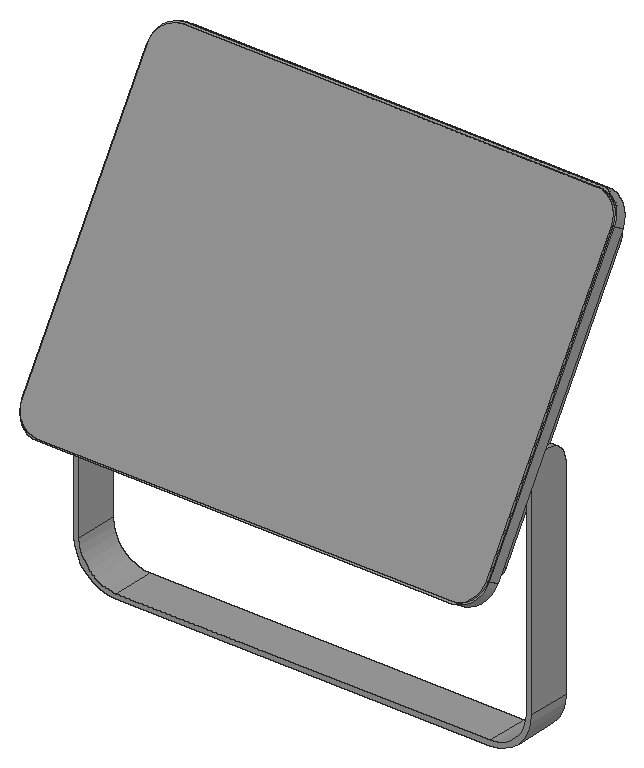
Revit family "0047968 Sylvania Lighting Fixture START eco Flood Flat IP65 4500lm 830", category Lighting Fixtures, host Face, Revit 2016
Family settings
  Host = Face
  Part Type = Normal
  Round Connector Dimension = Use Diameter
  OmniClass Number = 23.80.70.00
  OmniClass Title = Lighting
  Cut with Voids When Loaded = No
  Light Source = No
  Shared = No
  Room Calculation Point = No
Parameters (values of type "0047968 ST E FLD FLT IP65 4500LM 830")
  WidthBracketIn_SYL = if([10W_SYL], 102.2 mm, if([30W_SYL], 143.3 mm, if([50W_SYL], 181 mm, 262.8 mm)))  # 181 mm
  Weight = "3.925 kg"
  Wattage Comments = ""
  WarrantyStartDate [instance] = "n/a"
  WarrantyGuarantorParts = "n/a"
  WarrantyDurationUnit = "n/a"
  WarrantyDurationParts = "n/a"
  WarrantyDescription = "n/a"
  Voltage = 0 V
  URL = "http://www.sylvania-lighting.com"
  TypeName = "START eco Flood Flat IP65 4500lm 830"
  TypeLight_SYL = START eco Flood Flat Lamp : 0047968 ST E FLD FLT IP65 4500LM 830
  Type Image = <None>
  Type Comments = "n/a"
  ThicknessBracket_SYL = if([10W_SYL], 1.5 mm, 2 mm)  # 2 mm
  SerialNumber [instance] = "n/a"
  RotationAngle_SYL [instance] = 32.00°
  RadiusBracket_SYL = if([10W_SYL], 7.7 mm, if([30W_SYL], 8 mm, if([50W_SYL], 17 mm, 14 mm)))  # 17 mm
  RadiusBracketIn_SYL = RadiusBracket_SYL - ThicknessBracket_SYL  # 15 mm
  OffsetAxis_SYL = DepthBracket_SYL / 2  # 8.5 mm
  PowerFactor = 0.9
  PowerConsumption = "50 W"
  NominalLength = 193 mm
  NominalHeight = 48 mm
  NominalDepth = 190 mm
  Name = "START eco Flood Flat IP65 4500lm 830"
  ModelReference = Name  # "START eco Flood Flat IP65 4500lm 830"
  ModelNumber = "0047968"
  Model = Name  # "START eco Flood Flat IP65 4500lm 830"
  Material = "adc12 housing"
  ManufacturerName = "Feilo Sylvania"
  Manufacturer = "Feilo Sylvania"
  LuminousEfficacy = "90 lm/W"
  LuminaireType = ""
  LightOutputRatio = "n/a"
  LampsType = Lamp  # "LED"
  LampNominalLuminous = "4500 lm"
  LampMacAdamStep = "n/a"
  LampColourTemperature = "3000 K"
  LampColourRenderingIndex = "80"
  Lamp = "LED"
  Keynote = "16500"
  InstallationDate [instance] = "n/a"
  InputVoltage = "n/a"
  InputNominalFrequency = "n/a"
  IngressProtection = "IP65"
  ImpactProtectionIndex = "IK07"
  IfcExportType = "IfcLightFixtureType"
  IfcExportAs = "IfcLightFixtureType"
  HeightBracket_SYL = if([10W_SYL], 55 mm, if([30W_SYL], 70 mm, if([50W_SYL], 110 mm, 141 mm)))  # 110 mm
  ExpectedLife = 30000
  EndAngle_SYL [instance] = RotationAngle_SYL + 180.00°  # 212.00°
  ElectricShockClassification = "Class I"
  DurationUnit = "hours"
  DocumentationLiterature = "http://www.sylvania-lighting.com/product/en-int/products/0047968"
  DimmingControlOptions = "n/a"
  Description = "The new Start eco Flood Flat comes with improved design. The streamlined, durable, lightweight die-cast aluminium body makes it a perfect choice for building facades, car parks, garages and construction areas. The product includes 1 m pre-wired stripped cable and fitting bracket for quick and easy installation and the universal mounting bracket allows wall or surface mounting with the possibility of vertical tilting. Black die-cast aluminum housing, white reflector, 4500 lm, 50 W, 90 lm/W, 3000K, drive current 193 mA, non dimmable, CRI>80, IP65, IK07, Class I, lumen maintenance L70:B50: 30000 hrs, 193 x 190 x 48 mm (L x W x H). Weight: 0.785kg. Energy class: A++ A+ A."
  DepthBracket_SYL = if([10W_SYL], 15 mm, if([30W_SYL], 15 mm, if([50W_SYL], 17 mm, 25 mm)))  # 17 mm
  Default Elevation = 1219.2 mm
  CreatedOn = "10/8/2018"
  CreatedBy = "@sylvania-lighting.com"
  Cost = 0
  built-in parameter 1114216 [instance] = (empty or 0)
  ClassificationValue = "EF_70_80"
  ClassificationName = "Uniclass2015"
  Material_1_SYL = Body-Sylvania-FloodFlat-Black
  BarCode [instance] = "n/a"
  AssetType = "Fixed"
  AssetIdentifier [instance] = "n/a"
  Assembly Code = "D5020200"
  Apparent Load = 50 VA
  50W_SYL = yes
  30W_SYL = no
  10W_SYL = no
Reference planes
  plane 1 "Center (Front/Back)": y = 0
  plane 2: z = 0
  plane 3 "Center (Left/Right)": x = 0
  plane 4: x = -92.5
  plane 5: x = 92.5
  plane 6: z = 110
  plane 7: z = 101.5
  plane 8: x = -90.5
  plane 9: x = 90.5
  plane 10: z = 2
  plane 11: y = 8.5
  plane 12: y = -8.5
  plane 13: x = -75.5
  plane 14: z = 17
  plane 15: x = 75.5
  plane 16: y = -10.5
  plane 17: z = 112
  plane 18: y = 10.5
Forms (mm)
  Extrusion 1, solid, material "Body-Sylvania-FloodFlat-Black" <- "Material_1_SYL"
    sketch origin (0, 0, 0) x (1, 0, 0) y (0, 0, 1)
      loop
        line (-90.5, 110) -> (-92.5, 110) -> (-92.5, 17)
        arc (-92.5, 17) -> (-87.521, 4.979) -> (-75.5, 0) r 17
        line (-75.5, 0) -> (75.5, 0)
        arc (75.5, 0) -> (87.521, 4.979) -> (92.5, 17) r 17
        line (92.5, 17) -> (92.5, 110) -> (90.5, 110) -> (90.5, 17)
        arc (90.5, 17) -> (86.107, 6.393) -> (75.5, 2) r 15
        line (75.5, 2) -> (-75.5, 2)
        arc (-75.5, 2) -> (-86.107, 6.393) -> (-90.5, 17) r 15
        line (-90.5, 17) -> (-90.5, 110)
    from -8.5 to 8.5
  Extrusion 2, void
    sketch origin (0, 0, 0) x (0, 1, 0) y (0, 0, 1)
      loop
        line (8.5, 101.5) -> (10.5, 101.5) -> (10.5, 112) -> (-10.5, 112) -> (-10.5, 101.5) -> (-8.5, 101.5)
        arc (-8.5, 101.5) -> (0, 110) -> (8.5, 101.5) r 8.5
    from -92.5 to 92.5
  Revolve 3, solid, not visible
    sketch origin (0, 0, 0) x (1, 0, 0) y (0, 0, 1)
      loop
        line (0, 101.5) -> (0, 110) -> (-12.336, 110) -> (-12.336, 101.5) -> (0, 101.5)
      axis (0, 101.5) -> (-12.336, 101.5)
    angle from 32 <- "RotationAngle_SYL" to 212 <- "EndAngle_SYL"
Cuts and joins
  Extrusion 2 cuts Extrusion 1
Dimensions and locks
  equal spacing: plane 9, plane 3 "Center (Left/Right)", plane 8
  "WidthBracketIn_SYL": plane 9 to plane 8
  "ThicknessBracket_SYL": plane 8 to plane 4
  "ThicknessBracket_SYL": plane 5 to plane 9
  "ThicknessBracket_SYL": plane 10 to plane 2
  equal spacing: plane 12, plane 1 "Center (Front/Back)", plane 11
  "DepthBracket_SYL": plane 12 to plane 11
  "OffsetAxis_SYL": plane 7 to plane 6
  "HeightBracket_SYL": plane 6 to plane 2
  "RadiusBracket_SYL": plane 14 to plane 2
  equal spacing: plane 15, plane 3 "Center (Left/Right)", plane 13
  "RadiusBracket_SYL": plane 13 to plane 4
  equal spacing: plane 16, plane 1 "Center (Front/Back)", plane 18
  locked: plane 16 to plane 12 at 2
  locked: plane 6 to plane 17 at 2
  "RadiusBracket_SYL": radius of Extrusion 1 sketch curve  (x2)
  "RadiusBracketIn_SYL": radius of Extrusion 1 sketch curve  (x2)
  aligned and locked: plane 2 to host face
  aligned and locked: level to host face
  aligned and locked: Extrusion 1 sketch curve to plane 6  (x2)
  aligned and locked: Extrusion 1 sketch curve to plane 4
  aligned and locked: plane 5 to Extrusion 1 sketch curve
  aligned and locked: Extrusion 1 sketch curve to plane 9
  aligned and locked: Extrusion 1 sketch curve to plane 2
  aligned and locked: plane 13 to Extrusion 1 sketch curve
  aligned and locked: plane 14 to Extrusion 1 sketch curve  (x2)
  aligned and locked: plane 15 to Extrusion 1 sketch curve
  aligned and locked: Extrusion 1 to plane 11
  aligned and locked: plane 12 to Extrusion 1
  aligned and locked: plane 11 to Extrusion 2 sketch curve
  aligned and locked: plane 1 "Center (Front/Back)" to Extrusion 2 sketch curve
  aligned and locked: plane 7 to Extrusion 2 sketch curve
  aligned and locked: plane 17 to Extrusion 2 sketch curve
  aligned and locked: plane 18 to Extrusion 2 sketch curve
  aligned and locked: Extrusion 2 sketch curve to plane 16
  aligned and locked: Extrusion 2 sketch curve to plane 7  (x2)
  aligned and locked: plane 5 to Extrusion 2
  aligned and locked: Extrusion 2 to plane 4
  aligned and locked: Revolve 3 sketch curve to plane 7  (x2)
  aligned and locked: Revolve 3 sketch curve to plane 3 "Center (Left/Right)"
  aligned and locked: plane 6 to Revolve 3 sketch curve
  aligned and locked: plane 3 "Center (Left/Right)" to nested 1
Automatic sketch dimensions
  host sketch curve to host sketch curve = 2438.4 mm  (x2)
  Revolve 3 sketch curve to plane 3 "Center (Left/Right)" = 12.336 mm
  Revolve 3 sketch curve to plane 4 = 1122.5 mm
  plane 5 to Revolve 3 sketch curve = 1130.9 mm
Nested families
  nested 1: "START eco Flood Flat Lamp" at (0, 11.155, 119.351) x (1, 0, 0) z (0, -0.848, 0.5299), type <- "TypeLight_SYL", type "0047968 ST E FLD FLT IP65 4500LM 830"
    with built-in parameter 1114216 (empty or 0)
Connectors
  electrical at (0, 0, 0), driven by "Apparent Load", driven by "PowerFactor", driven by "Voltage"
    settings: index 1, voltage 0 V, apparent load 50 VA, apparent load phase1 0 VA, apparent load phase2 0 VA, apparent load phase3 0 VA, power factor 0.9, load classification "Lighting", number of poles 1, system type 30, power factor state 1, is connector primary yes, connector utility no, sub classification motor no, connector description ""
Definition of nested family "START eco Flood Flat Lamp"
  Parameters (values of type "0047977 ST E FLD FLT IP65 9000LM 840")
    Width_SYL = if([10W_SYL], 110 mm, if([30W_SYL], 151 mm, if([50W_SYL], 189 mm, 275 mm)))  # 275 mm
    WidthLEDBoard_SYL = if([10W_SYL], 40 mm, if([30W_SYL], 83 mm, if([50W_SYL], 80 mm, 180 mm)))  # 180 mm
    WidthVignette_SYL = if([10W_SYL], 78.6 mm, if([30W_SYL], 120 mm, if([50W_SYL], 157 mm, 226 mm)))  # 226 mm
    WidthBoltHousing_SYL = 4 * OffsetBoltHousing_SYL  # 24.5 mm
    Wattage Comments = "n/a"
    Wattage = 100 W
    built-in parameter 1150110 = 1 (stored number, unit not read)
    URL = "http://www.sylvania-lighting.com"
    Type Image = (empty or 0)
    Type Comments = "n/a"
    built-in parameter 1114217 = 1 (stored number, unit not read)
    Tilt Angle = -90.00°
    ThicknessScreen_SYL = if([10W_SYL], 5 mm, if([30W_SYL], 5.2 mm, if([50W_SYL], 5.4 mm, 6.1 mm)))  # 6.1 mm
    ThicknessDiffuser_SYL = 0.8 mm  # constant formula
    built-in parameter 1150109 = 1 (stored number, unit not read)
    built-in parameter 1150134 = 12
    built-in parameter 1150113 = 1 (stored number, unit not read)
    RotationAxisFromTop_SYL = if([10W_SYL], 48.8 mm, if([30W_SYL], 61.7 mm, if([50W_SYL], 91.3 mm, 133.4 mm)))  # 133.4 mm
    RadiusLEDBoard_SYL = if([10W_SYL], 1.5 mm, if([30W_SYL], 2 mm, if([50W_SYL], 1.9 mm, 3.7 mm)))  # 3.7 mm
    RadiusDiffuser_SYL = RadiusCorners_SYL - ThicknessDiffuser_SYL  # 13.4 mm
    RadiusCorners_SYL = if([10W_SYL], 10.5 mm, if([30W_SYL], 10.7 mm, if([50W_SYL], 10.7 mm, 14.2 mm)))  # 14.2 mm
    RadiusBoltHousing_SYL = if([10W_SYL], 4.1 mm, if([30W_SYL], 4.9 mm, if([50W_SYL], 5 mm, 8.1 mm)))  # 8.1 mm
    RadiusBack_SYL = RadiusCorners_SYL - OffsetXBack_SYL / 3  # 10.117 mm
    RadiusBackB_SYL = RadiusBack_SYL - OffsetXBackB_SYL  # 7.054 mm
    Photometric Web File = "0047977.ies"
    PIR_SYL = no
    PIRHolderRadius_SYL = PIRBaseFillet_SYL + 2 mm  # 11 mm
    PIRFillet_SYL = 3 mm  # constant formula
    PIRBaseWidth_SYL = 38 mm
    PIRBaseFillet_SYL = PIRBaseDepth_SYL / 2  # 9 mm
    PIRBaseDepth_SYL = 18 mm
    OffsetYBack_SYL = (Height_SYL - HeightVignette_SYL) / 4  # 11 mm
    OffsetYBackB_SYL = OffsetYBack_SYL / 4  # 2.75 mm
    OffsetXBack_SYL = (Width_SYL - WidthVignette_SYL) / 4  # 12.25 mm
    OffsetXBackB_SYL = OffsetXBack_SYL / 4  # 3.063 mm
    OffsetBoltHousing_SYL = OffsetXBack_SYL / 2  # 6.125 mm
    Material_7_SYL = none
    Material_6_SYL = none
    Material_5_SYL = none
    Material_3_SYL = none
    Model = "START eco Flood Flat IP65 9000lm 840"
    Manufacturer = "Feilo Sylvania"
    built-in parameter 1150105 = 3437 (stored number, unit not read)
    Lumens = 9500 lm
    built-in parameter 1150115 = 1 (stored number, unit not read)
    built-in parameter 1150137 = (empty or 0)
    built-in parameter 1150139 = (empty or 0)
    built-in parameter 1150112 = 1 (stored number, unit not read)
    built-in parameter 1150114 = 1 (stored number, unit not read)
    Lamp = "LED"
    Keynote = "16500"
    Material_2_SYL = none
    InsertionPlaneFromTop_SYL = if([10W_SYL], 15.1 mm, if([30W_SYL], 14.5 mm, if([50W_SYL], 14.8 mm, 19.3 mm)))  # 19.3 mm
    built-in parameter 1150132 = (empty or 0)
    built-in parameter 1150102 = (empty or 0)
    built-in parameter 1150107 = 4000 (stored number, unit not read)
    built-in parameter 1150138 = (empty or 0)
    built-in parameter 1150106 = 34.37 (stored number, unit not read)
    Height_SYL = if([10W_SYL], 81.6 mm, if([30W_SYL], 112 mm, if([50W_SYL], 140.5 mm, 211 mm)))  # 211 mm
    HeightVignette_SYL = if([10W_SYL], 50 mm, if([30W_SYL], 81 mm, if([50W_SYL], 110 mm, 167 mm)))  # 167 mm
    HeightLEDBoard_SYL = if([10W_SYL], 25 mm, if([30W_SYL], 39 mm, if([50W_SYL], 56 mm, 132 mm)))  # 132 mm
    Emit from Rectangle Width = HeightVignette_SYL - 2 * RadiusVignette_SYL  # 146.2 mm
    Emit from Rectangle Length = WidthVignette_SYL - 2 * RadiusVignette_SYL  # 205.2 mm
    Emit Shape Visible in Rendering = no
    built-in parameter 1150104 = 8.8258 (stored number, unit not read)
    Dimming Lamp Color Temperature Shift = (empty or 0)
    DepthLEDBoard_SYL = (ThicknessScreen_SYL + DepthBack_SYL) / 9  # 2.289 mm
    DepthBack_SYL = if([10W_SYL], 10.2 mm, if([30W_SYL], 14.7 mm, if([50W_SYL], 16.9 mm, 14.5 mm)))  # 14.5 mm
    RadiusVignette_SYL = if([10W_SYL], 4.1 mm, if([30W_SYL], 4.1 mm, if([50W_SYL], 4.1 mm, 10.4 mm)))  # 10.4 mm
    Description = "The new Start eco Flood Flat comes with improved design. The streamlined, durable, lightweight die-cast aluminium body makes it a perfect choice for building facades, car parks, garages and construction areas. The product includes 1 m pre-wired stripped cable and fitting bracket for quick and easy installation and the universal mounting bracket allows wall or surface mounting with the possibility of vertical tilting. Black die-cast aluminum housing, white reflector, 9500 lm, 100 W, 95 lm/W, 4000K, drive current 386 mA, non dimmable, CRI>80, IP65, IK07, Class I, lumen maintenance L70:B50: 30000 hrs, 283 x 263 x 44 mm (L x W x H). Weight: 1.775kg. Energy class: A++ A+ A."
    DepthReflector_SYL = (ThicknessScreen_SYL + DepthBack_SYL) / 2  # 10.3 mm
    Default Elevation = 1219.2 mm
    Cost = 0
    Color Filter = 16777215
    built-in parameter 1114216 [instance] = (empty or 0)
    Material_1_SYL = none
    built-in parameter 1114218 = 1 (stored number, unit not read)
    built-in parameter 1150133 = 10 (stored number, unit not read)
    Assembly Code = "D5020200"
    Apparent Load = 100 VA
    Material_4_SYL = none
    50W_SYL = no
    30W_SYL = no
    10W_SYL = no
  Types (16, lengths in mm): name | Width_SYL | WidthLEDBoard_SYL | WidthVignette_SYL | WidthBoltHousing_SYL | Wattage | ThicknessScreen_SYL | built-in parameter 1150134 | RotationAxisFromTop_SYL | RadiusLEDBoard_SYL | RadiusDiffuser_SYL | RadiusCorners_SYL | RadiusBoltHousing_SYL | RadiusBack_SYL | RadiusBackB_SYL | Photometric Web File | PIR_SYL | OffsetYBack_SYL | OffsetYBackB_SYL | OffsetXBack_SYL | OffsetXBackB_SYL | OffsetBoltHousing_SYL | Model | built-in parameter 1150105 | Lumens | InsertionPlaneFromTop_SYL | built-in parameter 1150107 | built-in parameter 1150106 | Height_SYL | HeightVignette_SYL | HeightLEDBoard_SYL | Emit from Rectangle Width | Emit from Rectangle Length | built-in parameter 1150104 | DepthLEDBoard_SYL | DepthBack_SYL | RadiusVignette_SYL | Description | DepthReflector_SYL | Apparent Load | 50W_SYL | 30W_SYL | 10W_SYL
    0047977 ST E FLD FLT IP65 9000LM 840 | 275 | 180 | 226 | 24.5 | 100 W | 6.1 | 12 | 133.4 | 3.7 | 13.4 | 14.2 | 8.1 | 10.117 | 7.054 | "0047977.ies" | no | 11 | 2.75 | 12.25 | 3.063 | 6.125 | "START eco Flood Flat IP65 9000lm 840" | 3437 (stored number, unit not read) | 9500 lm | 19.3 | 4000 (stored number, unit not read) | 34.37 (stored number, unit not read) | 211 | 167 | 132 | 146.2 | 205.2 | 8.8258 (stored number, unit not read) | 2.289 | 14.5 | 10.4 | "The new Start eco Flood Flat comes with improved design. The streamlined, durable, lightweight die-cast aluminium body makes it a perfect choice for building facades, car parks, garages and construction areas. The product includes 1 m pre-wired stripped cable and fitting bracket for quick and easy installation and the universal mounting bracket allows wall or surface mounting with the possibility of vertical tilting. Black die-cast aluminum housing, white reflector, 9500 lm, 100 W, 95 lm/W, 4000K, drive current 386 mA, non dimmable, CRI>80, IP65, IK07, Class I, lumen maintenance L70:B50: 30000 hrs, 283 x 263 x 44 mm (L x W x H). Weight: 1.775kg. Energy class: A++ A+ A." | 10.3 | 100 VA | no | no | no
    0047976 ST E FLD FLT IP65 9000LM 830 | 275 | 180 | 226 | 24.5 | 100 W | 6.1 | (empty or 0) | 133.4 | 3.7 | 13.4 | 14.2 | 8.1 | 10.117 | 7.054 | "0047976.ies" | no | 11 | 2.75 | 12.25 | 3.063 | 6.125 | "START eco Flood Flat IP65 9000lm 830" | 3256.1 (stored number, unit not read) | 9000 lm | 19.3 | 3000 (stored number, unit not read) | 32.561 (stored number, unit not read) | 211 | 167 | 132 | 146.2 | 205.2 | 8.3613 (stored number, unit not read) | 2.289 | 14.5 | 10.4 | "The new Start eco Flood Flat comes with improved design. The streamlined, durable, lightweight die-cast aluminium body makes it a perfect choice for building facades, car parks, garages and construction areas. The product includes 1 m pre-wired stripped cable and fitting bracket for quick and easy installation and the universal mounting bracket allows wall or surface mounting with the possibility of vertical tilting. Black die-cast aluminum housing, white reflector, 9000 lm, 100 W, 90 lm/W, 3000K, drive current 386 mA, non dimmable, CRI>80, IP65, IK07, Class I, lumen maintenance L70:B50: 30000 hrs, 283 x 263 x 44 mm (L x W x H). Weight: 1.775kg. Energy class: A++ A+ A." | 10.3 | 100 VA | no | no | no
    0047973 ST E FLD FLT IP65 6500LM 840 | 275 | 180 | 226 | 24.5 | 70 W | 6.1 | 12 | 133.4 | 3.7 | 13.4 | 14.2 | 8.1 | 10.117 | 7.054 | "0047973.ies" | no | 11 | 2.75 | 12.25 | 3.063 | 6.125 | "START eco Flood Flat IP65 6500lm 840" | 2460.1 (stored number, unit not read) | 6650 lm | 19.3 | 4000 (stored number, unit not read) | 24.601 (stored number, unit not read) | 211 | 167 | 132 | 146.2 | 205.2 | 8.8258 (stored number, unit not read) | 2.289 | 14.5 | 10.4 | "The new Start eco Flood Flat comes with improved design. The streamlined, durable, lightweight die-cast aluminium body makes it a perfect choice for building facades, car parks, garages and construction areas. The product includes 1 m pre-wired stripped cable and fitting bracket for quick and easy installation and the universal mounting bracket allows wall or surface mounting with the possibility of vertical tilting. Black die-cast aluminum housing, white reflector, 6650 lm, 70 W, 95 lm/W, 4000K, drive current 270 mA, non dimmable, CRI>80, IP65, IK07, Class I, lumen maintenance L70:B50: 30000 hrs, 283 x 263 x 44 mm (L x W x H). Weight: 1.775kg. Energy class: A++ A+ A." | 10.3 | 70 VA | no | no | no
    0047972 ST E FLD FLT IP65 6500LM 830 | 275 | 180 | 226 | 24.5 | 70 W | 6.1 | (empty or 0) | 133.4 | 3.7 | 13.4 | 14.2 | 8.1 | 10.117 | 7.054 | "0047972.ies" | no | 11 | 2.75 | 12.25 | 3.063 | 6.125 | "START eco Flood Flat IP65 6500lm 830" | 2330.6 (stored number, unit not read) | 6300 lm | 19.3 | 3000 (stored number, unit not read) | 23.306 (stored number, unit not read) | 211 | 167 | 132 | 146.2 | 205.2 | 8.3613 (stored number, unit not read) | 2.289 | 14.5 | 10.4 | "The new Start eco Flood Flat comes with improved design. The streamlined, durable, lightweight die-cast aluminium body makes it a perfect choice for building facades, car parks, garages and construction areas. The product includes 1 m pre-wired stripped cable and fitting bracket for quick and easy installation and the universal mounting bracket allows wall or surface mounting with the possibility of vertical tilting. Black die-cast aluminum housing, white reflector, 6300 lm, 70 W, 90 lm/W, 3000K, drive current 270 mA, non dimmable, CRI>80, IP65, IK07, Class I, lumen maintenance L70:B50: 30000 hrs, 283 x 263 x 44 mm (L x W x H). Weight: 1.775kg. Energy class: A++ A+ A." | 10.3 | 70 VA | no | no | no
    0047971 ST E FLD FLT IP54 PIR 4500LM 840 | 189 | 80 | 157 | 16 | 51 W | 5.4 | 12 | 91.3 | 1.9 | 9.9 | 10.7 | 5 | 8.033 | 6.033 | "0047971.ies" | yes | 7.625 | 1.906 | 8 | 2 | 4 | "START eco Flood Flat IP54 PIR 4500lm 840" | 1695.8 (stored number, unit not read) | 4743 lm | 14.8 | 4000 (stored number, unit not read) | 16.958 (stored number, unit not read) | 140.5 | 110 | 56 | 101.8 | 148.8 | 8.64 (stored number, unit not read) | 2.478 | 16.9 | 4.1 | "The new Start eco Flood Flat comes with improved design. The streamlined, durable, lightweight die-cast aluminium body makes it a perfect choice for building facades, car parks, garages and construction areas. The product includes 1 m pre-wired stripped cable and fitting bracket for quick and easy installation and the universal mounting bracket allows wall or surface mounting with the possibility of vertical tilting. Black die-cast aluminum housing, white reflector, 4750 lm, 51 W, 93 lm/W, 4000K, drive current 193 mA, non dimmable, CRI>80, IP54, IK07 - fixture, IK05 - sensor, Class I, lumen maintenance L70:B50: 30000 hrs, 193 x 216 x 70 mm (L x W x H). Weight: 0.85kg.  PIR sensor included. Energy class: A++ A+ A." | 11.15 | 51 VA | yes | no | no
    0047970 ST E FLD FLT IP54 PIR 4500LM 830 | 189 | 80 | 157 | 16 | 51 W | 5.4 | (empty or 0) | 91.3 | 1.9 | 9.9 | 10.7 | 5 | 8.033 | 6.033 | "0047970.ies" | yes | 7.625 | 1.906 | 8 | 2 | 4 | "START eco Flood Flat IP54 PIR 4500lm 830" | 1604.6 (stored number, unit not read) | 4488 lm | 14.8 | 3000 (stored number, unit not read) | 16.046 (stored number, unit not read) | 140.5 | 110 | 56 | 101.8 | 148.8 | 8.1755 (stored number, unit not read) | 2.478 | 16.9 | 4.1 | "The new Start eco Flood Flat comes with improved design. The streamlined, durable, lightweight die-cast aluminium body makes it a perfect choice for building facades, car parks, garages and construction areas. The product includes 1 m pre-wired stripped cable and fitting bracket for quick and easy installation and the universal mounting bracket allows wall or surface mounting with the possibility of vertical tilting. Black die-cast aluminum housing, white reflector, 4500 lm, 51 W, 88 lm/W, 3000K, drive current 193 mA, non dimmable, CRI>80, IP54, IK07 - fixture, IK05 - sensor, Class I, lumen maintenance L70:B50: 30000 hrs, 193 x 216 x 70 mm (L x W x H). Weight: 0.85kg.  PIR sensor included. Energy class: A++ A+ A." | 11.15 | 51 VA | yes | no | no
    0047969 ST E FLD FLT IP65 4500LM 840 | 189 | 80 | 157 | 16 | 50 W | 5.4 | 12 | 91.3 | 1.9 | 9.9 | 10.7 | 5 | 8.033 | 6.033 | "0047969.ies" | no | 7.625 | 1.906 | 8 | 2 | 4 | "START eco Flood Flat IP65 4500lm 840" | 1698.3 (stored number, unit not read) | 4750 lm | 14.8 | 4000 (stored number, unit not read) | 16.983 (stored number, unit not read) | 140.5 | 110 | 56 | 101.8 | 148.8 | 8.8258 (stored number, unit not read) | 2.478 | 16.9 | 4.1 | "The new Start eco Flood Flat comes with improved design. The streamlined, durable, lightweight die-cast aluminium body makes it a perfect choice for building facades, car parks, garages and construction areas. The product includes 1 m pre-wired stripped cable and fitting bracket for quick and easy installation and the universal mounting bracket allows wall or surface mounting with the possibility of vertical tilting. Black die-cast aluminum housing, white reflector, 4750 lm, 50 W, 95 lm/W, 4000K, drive current 193 mA, non dimmable, CRI>80, IP65, IK07, Class I, lumen maintenance L70:B50: 30000 hrs, 193 x 190 x 48 mm (L x W x H). Weight: 0.785kg. Energy class: A++ A+ A." | 11.15 | 50 VA | yes | no | no
    0047968 ST E FLD FLT IP65 4500LM 830 | 189 | 80 | 157 | 16 | 50 W | 5.4 | (empty or 0) | 91.3 | 1.9 | 9.9 | 10.7 | 5 | 8.033 | 6.033 | "0047968.ies" | no | 7.625 | 1.906 | 8 | 2 | 4 | "START eco Flood Flat IP65 4500lm 830" | 1608.9 (stored number, unit not read) | 4500 lm | 14.8 | 3000 (stored number, unit not read) | 16.089 (stored number, unit not read) | 140.5 | 110 | 56 | 101.8 | 148.8 | 8.3613 (stored number, unit not read) | 2.478 | 16.9 | 4.1 | "The new Start eco Flood Flat comes with improved design. The streamlined, durable, lightweight die-cast aluminium body makes it a perfect choice for building facades, car parks, garages and construction areas. The product includes 1 m pre-wired stripped cable and fitting bracket for quick and easy installation and the universal mounting bracket allows wall or surface mounting with the possibility of vertical tilting. Black die-cast aluminum housing, white reflector, 4500 lm, 50 W, 90 lm/W, 3000K, drive current 193 mA, non dimmable, CRI>80, IP65, IK07, Class I, lumen maintenance L70:B50: 30000 hrs, 193 x 190 x 48 mm (L x W x H). Weight: 0.785kg. Energy class: A++ A+ A." | 11.15 | 50 VA | yes | no | no
    0047967 ST E FLD FLT IP54 PIR 2800LM 840 | 151 | 83 | 120 | 15.5 | 31 W | 5.2 | 12 | 61.7 | 2 | 9.9 | 10.7 | 4.9 | 8.117 | 6.179 | "0047967.ies" | yes | 7.75 | 1.938 | 7.75 | 1.938 | 3.875 | "START eco Flood Flat IP54 PIR 2800lm 840" | 1045.5 (stored number, unit not read) | 2852 lm | 14.5 | 4000 (stored number, unit not read) | 10.455 (stored number, unit not read) | 112 | 81 | 39 | 72.8 | 111.8 | 8.5471 (stored number, unit not read) | 2.211 | 14.7 | 4.1 | "The new Start eco Flood Flat comes with improved design. The streamlined, durable, lightweight die-cast aluminium body makes it a perfect choice for building facades, car parks, garages and construction areas. The product includes 1 m pre-wired stripped cable and fitting bracket for quick and easy installation and the universal mounting bracket allows wall or surface mounting with the possibility of vertical tilting. Black die-cast aluminum housing, white reflector, 2850 lm, 31 W, 92 lm/W, 4000K, drive current 116 mA, non dimmable, CRI>80, IP54, IK06 - fixture, IK05 - sensor, Class I, lumen maintenance L70:B50: 30000 hrs, 156 x 178 x 67 mm (L x W x H). Weight: 0.61kg.  PIR sensor included. Energy class: A++ A+ A." | 9.95 | 31 VA | no | yes | no
    0047966 ST E FLD FLT IP54 PIR 2800LM 830 | 151 | 83 | 120 | 15.5 | 31 W | 5.2 | (empty or 0) | 61.7 | 2 | 9.9 | 10.7 | 4.9 | 8.117 | 6.179 | "0047966.ies" | yes | 7.75 | 1.938 | 7.75 | 1.938 | 3.875 | "START eco Flood Flat IP54 PIR 2800lm 830" | 988.72 (stored number, unit not read) | 2697 lm | 14.5 | 3000 (stored number, unit not read) | 9.8872 (stored number, unit not read) | 112 | 81 | 39 | 72.8 | 111.8 | 8.0826 (stored number, unit not read) | 2.211 | 14.7 | 4.1 | "The new Start eco Flood Flat comes with improved design. The streamlined, durable, lightweight die-cast aluminium body makes it a perfect choice for building facades, car parks, garages and construction areas. The product includes 1 m pre-wired stripped cable and fitting bracket for quick and easy installation and the universal mounting bracket allows wall or surface mounting with the possibility of vertical tilting. Black die-cast aluminum housing, white reflector, 2700 lm, 31 W, 87 lm/W, 3000K, drive current 116 mA, non dimmable, CRI>80, IP54, IK06 - fixture, IK05 - sensor, Class I, lumen maintenance L70:B50: 30000 hrs, 156 x 178 x 67 mm (L x W x H). Weight: 0.61kg.  PIR sensor included. Energy class: A++ A+ A." | 9.95 | 31 VA | no | yes | no
    0047965 ST E FLD FLT IP65 2800LM 840 | 151 | 83 | 120 | 15.5 | 30 W | 5.2 | 12 | 61.7 | 2 | 9.9 | 10.7 | 4.9 | 8.117 | 6.179 | "0047965.ies" | no | 7.75 | 1.938 | 7.75 | 1.938 | 3.875 | "START eco Flood Flat IP65 2800lm 840" | 1044.8 (stored number, unit not read) | 2850 lm | 14.5 | 4000 (stored number, unit not read) | 10.448 (stored number, unit not read) | 112 | 81 | 39 | 72.8 | 111.8 | 8.8258 (stored number, unit not read) | 2.211 | 14.7 | 4.1 | "The new Start eco Flood Flat comes with improved design. The streamlined, durable, lightweight die-cast aluminium body makes it a perfect choice for building facades, car parks, garages and construction areas. The product includes 1 m pre-wired stripped cable and fitting bracket for quick and easy installation and the universal mounting bracket allows wall or surface mounting with the possibility of vertical tilting. Black die-cast aluminum housing, white reflector, 2850 lm, 30 W, 95 lm/W, 4000K, drive current 116 mA, non dimmable, CRI>80, IP65, IK06, Class I, lumen maintenance L70:B50: 30000 hrs, 156 x 126 x 38 mm (L x W x H). Weight: 0.545kg. Energy class: A++ A+ A." | 9.95 | 30 VA | no | yes | no
    0047964 ST E FLD FLT IP65 2800LM 830 | 151 | 83 | 120 | 15.5 | 30 W | 5.2 | (empty or 0) | 61.7 | 2 | 9.9 | 10.7 | 4.9 | 8.117 | 6.179 | "0047964.ies" | no | 7.75 | 1.938 | 7.75 | 1.938 | 3.875 | "START eco Flood Flat IP65 2800lm 830" | 989.82 (stored number, unit not read) | 2700 lm | 14.5 | 3000 (stored number, unit not read) | 9.8982 (stored number, unit not read) | 112 | 81 | 39 | 72.8 | 111.8 | 8.3613 (stored number, unit not read) | 2.211 | 14.7 | 4.1 | "The new Start eco Flood Flat comes with improved design. The streamlined, durable, lightweight die-cast aluminium body makes it a perfect choice for building facades, car parks, garages and construction areas. The product includes 1 m pre-wired stripped cable and fitting bracket for quick and easy installation and the universal mounting bracket allows wall or surface mounting with the possibility of vertical tilting. Black die-cast aluminum housing, white reflector, 2700 lm, 30 W, 90 lm/W, 3000K, drive current 116 mA, non dimmable, CRI>80, IP65, IK06, Class I, lumen maintenance L70:B50: 30000 hrs, 156 x 126 x 38 mm (L x W x H). Weight: 0.545kg. Energy class: A++ A+ A." | 9.95 | 30 VA | no | yes | no
    0047963 ST E FLD FLT IP54 PIR 900LM 840 | 110 | 40 | 78.6 | 15.7 | 11 W | 5 | 12 | 48.8 | 1.5 | 9.7 | 10.5 | 4.1 | 7.883 | 5.921 | "0047963.ies" | yes | 7.9 | 1.975 | 7.85 | 1.963 | 3.925 | "START eco Flood Flat IP54 PIR 900lm 840" | 365.78 (stored number, unit not read) | 946 lm | 15.1 | 4000 (stored number, unit not read) | 3.6578 (stored number, unit not read) | 81.6 | 50 | 25 | 41.8 | 70.4 | 7.9897 (stored number, unit not read) | 1.689 | 10.2 | 4.1 | "The new Start eco Flood Flat comes with improved design. The streamlined, durable, lightweight die-cast aluminium body makes it a perfect choice for building facades, car parks, garages and construction areas. The product includes 1 m pre-wired stripped cable and fitting bracket for quick and easy installation and the universal mounting bracket allows wall or surface mounting with the possibility of vertical tilting. Black die-cast aluminum housing, white reflector, 950 lm, 11 W, 86 lm/W, 4000K, drive current 38.6 mA, non dimmable, CRI>80, IP54, IK06 - fixture, IK05 - sensor, Class I, lumen maintenance L70:B50: 30000 hrs, 156 x 178 x 67 mm (L x W x H). Weight: 0.61kg.  PIR sensor included. Energy class: A++ A+ A." | 7.6 | 11 VA | no | no | yes
    0047962 ST E FLD FLT IP54 PIR 900LM 830 | 110 | 40 | 78.6 | 15.7 | 11 W | 5 | (empty or 0) | 48.8 | 1.5 | 9.7 | 10.5 | 4.1 | 7.883 | 5.921 | "0047962.ies" | yes | 7.9 | 1.975 | 7.85 | 1.963 | 3.925 | "START eco Flood Flat IP54 PIR 900lm 830" | 345.53 (stored number, unit not read) | 902 lm | 15.1 | 3000 (stored number, unit not read) | 3.4553 (stored number, unit not read) | 81.6 | 50 | 25 | 41.8 | 70.4 | 7.618 (stored number, unit not read) | 1.689 | 10.2 | 4.1 | "The new Start eco Flood Flat comes with improved design. The streamlined, durable, lightweight die-cast aluminium body makes it a perfect choice for building facades, car parks, garages and construction areas. The product includes 1 m pre-wired stripped cable and fitting bracket for quick and easy installation and the universal mounting bracket allows wall or surface mounting with the possibility of vertical tilting. Black die-cast aluminum housing, white reflector, 900 lm, 11 W, 82 lm/W, 3000K, drive current 38.6 mA, non dimmable, CRI>80, IP54, IK06 - fixture, IK05 - sensor, Class I, lumen maintenance L70:B50: 30000 hrs, 156 x 178 x 67 mm (L x W x H). Weight: 0.61kg.  PIR sensor included. Energy class: A++ A+ A." | 7.6 | 11 VA | no | no | yes
    0047961 ST E FLD FLT IP65 900LM 840 | 110 | 40 | 78.6 | 15.7 | 10 W | 5 | 12 | 48.8 | 1.5 | 9.7 | 10.5 | 4.1 | 7.883 | 5.921 | "0047961.ies" | no | 7.9 | 1.975 | 7.85 | 1.963 | 3.925 | "START eco Flood Flat IP65 900lm 840" | 367.33 (stored number, unit not read) | 950 lm | 15.1 | 4000 (stored number, unit not read) | 3.6733 (stored number, unit not read) | 81.6 | 50 | 25 | 41.8 | 70.4 | 8.8258 (stored number, unit not read) | 1.689 | 10.2 | 4.1 | "The new Start eco Flood Flat comes with improved design. The streamlined, durable, lightweight die-cast aluminium body makes it a perfect choice for building facades, car parks, garages and construction areas. The product includes 1 m pre-wired stripped cable and fitting bracket for quick and easy installation and the universal mounting bracket allows wall or surface mounting with the possibility of vertical tilting. Black die-cast aluminum housing, white reflector, 950 lm, 10 W, 95 lm/W, 4000K, drive current 38.6 mA, non dimmable, CRI>80, IP65, IK06, Class I, lumen maintenance L70:B50: 30000 hrs, 114 x 96 x 38 mm (L x W x H). Weight: 0.33kg. Energy class: A++ A+ A." | 7.6 | 10 VA | no | no | yes
    0047960 ST E FLD FLT IP65 900LM 830 | 110 | 40 | 78.6 | 15.7 | 10 W | 5 | (empty or 0) | 48.8 | 1.5 | 9.7 | 10.5 | 4.1 | 7.883 | 5.921 | "0047960.ies" | no | 7.9 | 1.975 | 7.85 | 1.963 | 3.925 | "START eco Flood Flat IP65 900lm 830" | 344.76 (stored number, unit not read) | 900 lm | 15.1 | 3000 (stored number, unit not read) | 3.4476 (stored number, unit not read) | 81.6 | 50 | 25 | 41.8 | 70.4 | 8.3613 (stored number, unit not read) | 1.689 | 10.2 | 4.1 | "The new Start eco Flood Flat comes with improved design. The streamlined, durable, lightweight die-cast aluminium body makes it a perfect choice for building facades, car parks, garages and construction areas. The product includes 1 m pre-wired stripped cable and fitting bracket for quick and easy installation and the universal mounting bracket allows wall or surface mounting with the possibility of vertical tilting. Black die-cast aluminum housing, white reflector, 900 lm, 10 W, 90 lm/W, 3000K, drive current 38.6 mA, non dimmable, CRI>80, IP65, IK06, Class I, lumen maintenance L70:B50: 30000 hrs, 114 x 96 x 38 mm (L x W x H). Weight: 0.33kg. Energy class: A++ A+ A." | 7.6 | 10 VA | no | no | yes
  Reference planes
    plane 1 "Center (Front/Back)": y = 0
    plane 2: z = 0
    plane 3 "Center (Left/Right)": x = 0
    plane 4: y = 105.5
    plane 5: y = -105.5
    plane 6: x = 137.5
    plane 7: x = -137.5
    plane 8: y = 83.5
    plane 9: y = -83.5
    plane 10: x = -113
    plane 11: x = 113
    plane 12: x = -123.3
    plane 13: y = 91.3
    plane 14: y = -91.3
    plane 15: x = 123.3
    plane 16: x = -102.6
    plane 17: y = 73.1
    plane 18: x = 102.6
    plane 19: y = -73.1
    plane 20: z = 19.3
    plane 21: z = 13.2
    plane 22: z = 9
    plane 23: z = -1.3
    plane 24: x = -125.25
    plane 25: y = 94.5
    plane 26: y = -94.5
    plane 27: x = 125.25
    plane 28: x = -122.187
    plane 29: x = 122.188
    plane 30: y = 91.75
    plane 31: y = -91.75
    plane 32: z = 18.5
    plane 33: x = -90
    plane 34: x = 90
    plane 35: y = 66
    plane 36: y = -66
    plane 37: z = 6.711
    plane 38: x = -136.7
    plane 39: y = 104.7
    plane 40: y = -104.7
    plane 41: x = 136.7
    plane 42: x = -131.375
    plane 43: x = 131.375
    plane 44: x = -106.875
    plane 45: x = 106.875
    plane 46 "RotationAxis": y = -27.9
    plane 47: y = -19.8
    plane 48: x = -19
    plane 49: x = 19
    plane 50: z = -10.3
    plane 51: z = 7.7
    plane 52: x = 10
    plane 53: x = -10
    plane 54: y = -155.5
    plane 55: y = -137.5
    plane 56: y = -146.5
    plane 57: x = -9
    plane 58: x = 9
    plane 59: y = -119.7
    plane 60: y = -173.3
    plane 61: x = -35.3
    plane 62: x = 35.3
    plane 63: z = 39.2
    plane 64: z = 33.7
  Forms (mm)
    Extrusion 1, solid
      sketch origin (4.2, 0, 0) x (1, 0, 0) y (0, 1, 0)
        loop
          line (-1219.2, 1219.2) -> (-1219.2, -1219.2) -> (1219.2, -1219.2) -> (1219.2, 1219.2) -> (-1219.2, 1219.2)
      from 0 to -68.017
    Extrusion 2, solid, material <- "Material_1_SYL"
      sketch origin (1223.4, -4572, 19.3) x (0, -1, 0) y (-1, 0, 0)
        loop
          line (-4677.5, 1346.7) -> (-4677.5, 1100.1)
          arc (-4677.5, 1100.1) -> (-4673.341, 1090.059) -> (-4663.3, 1085.9) r 14.2
          line (-4663.3, 1085.9) -> (-4480.7, 1085.9)
          arc (-4480.7, 1085.9) -> (-4470.659, 1090.059) -> (-4466.5, 1100.1) r 14.2
          line (-4466.5, 1100.1) -> (-4466.5, 1346.7)
          arc (-4466.5, 1346.7) -> (-4470.659, 1356.741) -> (-4480.7, 1360.9) r 14.2
          line (-4480.7, 1360.9) -> (-4663.3, 1360.9)
          arc (-4663.3, 1360.9) -> (-4673.341, 1356.741) -> (-4677.5, 1346.7) r 14.2
      from 6.1 to 0.8
    Blend 3, solid, material <- "Material_1_SYL"
      base sketch origin (1223.4, -4572, 13.2) x (0, -1, 0) y (1, 0, 0)
        loop
          arc (-4666.5, -1338.533) -> (-4663.537, -1345.687) -> (-4656.383, -1348.65) r 10.117
          line (-4656.383, -1348.65) -> (-4487.617, -1348.65)
          arc (-4487.617, -1348.65) -> (-4480.463, -1345.687) -> (-4477.5, -1338.533) r 10.117
          line (-4477.5, -1338.533) -> (-4477.5, -1108.267)
          arc (-4477.5, -1108.267) -> (-4480.463, -1101.113) -> (-4487.617, -1098.15) r 10.117
          line (-4487.617, -1098.15) -> (-4656.383, -1098.15)
          arc (-4656.383, -1098.15) -> (-4663.537, -1101.113) -> (-4666.5, -1108.267) r 10.117
          line (-4666.5, -1108.267) -> (-4666.5, -1338.533)
      top sketch origin (1223.4, -4572, 13.2) x (0, -1, 0) y (1, 0, 0)
        loop
          arc (-4663.75, -1338.533) -> (-4661.684, -1343.521) -> (-4656.696, -1345.588) r 7.054
          line (-4656.696, -1345.588) -> (-4487.304, -1345.588)
          arc (-4487.304, -1345.588) -> (-4482.316, -1343.521) -> (-4480.25, -1338.533) r 7.054
          line (-4480.25, -1338.533) -> (-4480.25, -1108.267)
          arc (-4480.25, -1108.267) -> (-4482.316, -1103.279) -> (-4487.304, -1101.213) r 7.054
          line (-4487.304, -1101.213) -> (-4656.696, -1101.213)
          arc (-4656.696, -1101.213) -> (-4661.684, -1103.279) -> (-4663.75, -1108.267) r 7.054
          line (-4663.75, -1108.267) -> (-4663.75, -1338.533)
      from 0 to -14.5
    Blend 4, void
      base sketch origin (1223.4, -4572, 18.5) x (-1, 0, 0) y (0, -1, 0)
        loop
          arc (1326, -4655.5) -> (1333.354, -4652.454) -> (1336.4, -4645.1) r 10.4
          line (1336.4, -4645.1) -> (1336.4, -4498.9)
          arc (1336.4, -4498.9) -> (1333.354, -4491.546) -> (1326, -4488.5) r 10.4
          line (1326, -4488.5) -> (1120.8, -4488.5)
          arc (1120.8, -4488.5) -> (1113.446, -4491.546) -> (1110.4, -4498.9) r 10.4
          line (1110.4, -4498.9) -> (1110.4, -4645.1)
          arc (1110.4, -4645.1) -> (1113.446, -4652.454) -> (1120.8, -4655.5) r 10.4
          line (1120.8, -4655.5) -> (1326, -4655.5)
      top sketch origin (1223.4, -4572, 18.5) x (0, -1, 0) y (1, 0, 0)
        loop
          arc (-4638, -1309.7) -> (-4636.916, -1312.316) -> (-4634.3, -1313.4) r 3.7
          line (-4634.3, -1313.4) -> (-4509.7, -1313.4)
          arc (-4509.7, -1313.4) -> (-4507.084, -1312.316) -> (-4506, -1309.7) r 3.7
          line (-4506, -1309.7) -> (-4506, -1137.1)
          arc (-4506, -1137.1) -> (-4507.084, -1134.484) -> (-4509.7, -1133.4) r 3.7
          line (-4509.7, -1133.4) -> (-4634.3, -1133.4)
          arc (-4634.3, -1133.4) -> (-4636.916, -1134.484) -> (-4638, -1137.1) r 3.7
          line (-4638, -1137.1) -> (-4638, -1309.7)
      from 0 to -9.5
    Extrusion 5, void
      sketch origin (1223.4, -4572, 9) x (-1, 0, 0) y (0, -1, 0)
        loop
          arc (1133.4, -4634.3) -> (1134.484, -4636.916) -> (1137.1, -4638) r 3.7
          line (1137.1, -4638) -> (1309.7, -4638)
          arc (1309.7, -4638) -> (1312.316, -4636.916) -> (1313.4, -4634.3) r 3.7
          line (1313.4, -4634.3) -> (1313.4, -4509.7)
          arc (1313.4, -4509.7) -> (1312.316, -4507.084) -> (1309.7, -4506) r 3.7
          line (1309.7, -4506) -> (1137.1, -4506)
          arc (1137.1, -4506) -> (1134.484, -4507.084) -> (1133.4, -4509.7) r 3.7
          line (1133.4, -4509.7) -> (1133.4, -4634.3)
      from 4.2 to -2.289
    Extrusion 6, solid, material <- "Material_3_SYL"
      sketch origin (1223.4, -4572, 19.3) x (0, -1, 0) y (-1, 0, 0)
        loop
          line (-4676.7, 1346.7) -> (-4676.7, 1100.1)
          arc (-4676.7, 1100.1) -> (-4672.775, 1090.625) -> (-4663.3, 1086.7) r 13.4
          line (-4663.3, 1086.7) -> (-4480.7, 1086.7)
          arc (-4480.7, 1086.7) -> (-4471.225, 1090.625) -> (-4467.3, 1100.1) r 13.4
          line (-4467.3, 1100.1) -> (-4467.3, 1346.7)
          arc (-4467.3, 1346.7) -> (-4471.225, 1356.175) -> (-4480.7, 1360.1) r 13.4
          line (-4480.7, 1360.1) -> (-4663.3, 1360.1)
          arc (-4663.3, 1360.1) -> (-4672.775, 1356.175) -> (-4676.7, 1346.7) r 13.4
      from 0 to 0.8
    Revolve 7, solid, material <- "Material_1_SYL"
      sketch origin (0, 0, 0) x (1, 0, 0) y (0, 1, 0)
        loop
          line (-131.375, -27.9) -> (-106.875, -27.9) -> (-106.875, -19.8) -> (-131.375, -19.8) -> (-131.375, -27.9)
        loop
          line (131.375, -27.9) -> (131.375, -19.8) -> (106.875, -19.8) -> (106.875, -27.9) -> (131.375, -27.9)
        axis (131.375, -27.9) -> (-131.375, -27.9)
      angle from 360 to 0
    Extrusion 8, solid, material <- "Material_1_SYL", visible <- "PIR_SYL"
      sketch origin (1524, -104.7, 1219.2) x (1, 0, 0) y (0, 0, 1)
        loop
          arc (-1514, -1229.5) -> (-1505, -1220.5) -> (-1514, -1211.5) r 9
          line (-1514, -1211.5) -> (-1534, -1211.5)
          arc (-1534, -1211.5) -> (-1543, -1220.5) -> (-1534, -1229.5) r 9
          line (-1534, -1229.5) -> (-1514, -1229.5)
      from 0 to -21.2
    Extrusion 9, solid, material <- "Material_6_SYL", visible <- "PIR_SYL"
      sketch origin (1524, -104.7, 1219.2) x (1, 0, 0) y (0, 0, 1)
        loop
          circle (-1524, -1220.5) r 9
      from 0 to 41.8
    Extrusion 10, solid, material <- "Material_6_SYL", visible <- "PIR_SYL"
      sketch origin (0, 0, 0) x (0, 1, 0) y (0, 0, 1)
        loop
          circle (-146.5, -1.3) r 11
      from -10 to 10
    Extrusion 11, solid, material <- "Material_6_SYL", visible <- "PIR_SYL"
      sketch origin (1223.4, -4572, -1.3) x (0, -1, 0) y (-1, 0, 0)
        loop
          circle (-4425.5, 1223.4) r 9
      from 0 to -14.5
    Extrusion 12, solid, material <- "Material_6_SYL", visible <- "PIR_SYL"
      sketch origin (1223.4, -4572, 13.2) x (0, -1, 0) y (-1, 0, 0)
        loop
          line (-4452.3, 1255.7) -> (-4452.3, 1191.1)
          arc (-4452.3, 1191.1) -> (-4451.421, 1188.979) -> (-4449.3, 1188.1) r 3
          line (-4449.3, 1188.1) -> (-4401.7, 1188.1)
          arc (-4401.7, 1188.1) -> (-4399.579, 1188.979) -> (-4398.7, 1191.1) r 3
          line (-4398.7, 1191.1) -> (-4398.7, 1255.7)
          arc (-4398.7, 1255.7) -> (-4399.579, 1257.821) -> (-4401.7, 1258.7) r 3
          line (-4401.7, 1258.7) -> (-4449.3, 1258.7)
          arc (-4449.3, 1258.7) -> (-4451.421, 1257.821) -> (-4452.3, 1255.7) r 3
      from 0 to -26
    Revolve 13, solid, material <- "Material_7_SYL", visible <- "PIR_SYL"
      sketch origin (0, -146.5, 2438.4) x (0, 0, 1) y (1, 0, 0)
        loop
          arc (-2387.2, 0) -> (-2390.514, 10.247) -> (-2399.2, 16.613) r 17.5
          line (-2399.2, 16.613) -> (-2399.2, 0) -> (-2387.2, 0)
        axis (-2399.2, 0) -> (-2387.2, 0)
      angle from 360 to 0
  Cuts and joins
    Blend 4, Extrusion 5 cuts Extrusion 2
    Blend 4, Extrusion 5 cuts Blend 3
    joined: Extrusion 2, Blend 3
  Lines and regions (mm)
    Split face 1
      outline origin (1223.4, -4572, 19.3) x (0, -1, 0) y (1, 0, 0)
        loop
          arc (-4655.5, -1326) -> (-4652.454, -1333.354) -> (-4645.1, -1336.4) r 10.4
          line (-4645.1, -1336.4) -> (-4498.9, -1336.4)
          arc (-4498.9, -1336.4) -> (-4491.546, -1333.354) -> (-4488.5, -1326) r 10.4
          line (-4488.5, -1326) -> (-4488.5, -1120.8)
          arc (-4488.5, -1120.8) -> (-4491.546, -1113.446) -> (-4498.9, -1110.4) r 10.4
          line (-4498.9, -1110.4) -> (-4645.1, -1110.4)
          arc (-4645.1, -1110.4) -> (-4652.454, -1113.446) -> (-4655.5, -1120.8) r 10.4
          line (-4655.5, -1120.8) -> (-4655.5, -1326)
  Dimensions and locks
    equal spacing: plane 5, plane 1 "Center (Front/Back)", plane 4
    "Height_SYL": plane 5 to plane 4
    equal spacing: plane 7, plane 3 "Center (Left/Right)", plane 6
    "Width_SYL": plane 7 to plane 6
    equal spacing: plane 10, plane 3 "Center (Left/Right)", plane 11
    equal spacing: plane 9, plane 1 "Center (Front/Back)", plane 8
    "HeightVignette_SYL": plane 9 to plane 8
    "WidthVignette_SYL": plane 10 to plane 11
    equal spacing: plane 12, plane 3 "Center (Left/Right)", plane 15
    equal spacing: plane 14, plane 1 "Center (Front/Back)", plane 13
    "RadiusCorners_SYL": plane 13 to plane 4
    "RadiusCorners_SYL": plane 7 to plane 12
    equal spacing: plane 16, plane 3 "Center (Left/Right)", plane 18
    equal spacing: plane 19, plane 1 "Center (Front/Back)", plane 17
    "RadiusVignette_SYL": plane 17 to plane 8
    "RadiusVignette_SYL": plane 18 to plane 11
    "InsertionPlaneFromTop_SYL": plane 20 to plane 2
    "ThicknessScreen_SYL": plane 20 to plane 21
    "DepthReflector_SYL": plane 20 to plane 22
    "DepthBack_SYL": plane 21 to plane 23
    equal spacing: plane 24, plane 3 "Center (Left/Right)", plane 27
    "OffsetXBack_SYL": plane 7 to plane 24
    equal spacing: plane 26, plane 1 "Center (Front/Back)", plane 25
    "OffsetYBack_SYL": plane 25 to plane 4
    equal spacing: plane 28, plane 3 "Center (Left/Right)", plane 29
    "OffsetXBackB_SYL": plane 24 to plane 28
    equal spacing: plane 31, plane 1 "Center (Front/Back)", plane 30
    "OffsetYBackB_SYL": plane 30 to plane 25
    "ThicknessDiffuser_SYL": plane 20 to plane 32
    equal spacing: plane 33, plane 3 "Center (Left/Right)", plane 34
    "WidthLEDBoard_SYL": plane 33 to plane 34
    equal spacing: plane 36, plane 1 "Center (Front/Back)", plane 35
    "HeightLEDBoard_SYL": plane 36 to plane 35
    "DepthLEDBoard_SYL": plane 22 to plane 37
    equal spacing: plane 38, plane 3 "Center (Left/Right)", plane 41
    "ThicknessDiffuser_SYL": plane 7 to plane 38
    equal spacing: plane 40, plane 1 "Center (Front/Back)", plane 39
    "ThicknessDiffuser_SYL": plane 5 to plane 40
    equal spacing: plane 43, plane 3 "Center (Left/Right)", plane 42
    "OffsetBoltHousing_SYL": plane 42 to plane 7
    equal spacing: plane 45, plane 3 "Center (Left/Right)", plane 44
    "WidthBoltHousing_SYL": plane 44 to plane 42
    "RotationAxisFromTop_SYL": plane 46 "RotationAxis" to plane 4
    "RadiusBoltHousing_SYL": plane 46 "RotationAxis" to plane 47
    equal spacing: plane 49, plane 3 "Center (Left/Right)", plane 48
    "PIRBaseWidth_SYL": plane 49 to plane 48
    equal spacing: plane 50, plane 23, plane 51
    equal spacing: plane 52, plane 3 "Center (Left/Right)", plane 53
    "PIRBaseFillet_SYL": plane 49 to plane 52
    "PIRBaseDepth_SYL": plane 50 to plane 51
    locked: plane 54 to plane 40 at 50.8
    "PIRBaseDepth_SYL": plane 55 to plane 54
    equal spacing: plane 54, plane 56, plane 55
    equal spacing: plane 57, plane 3 "Center (Left/Right)", plane 58
    "PIRBaseDepth_SYL": plane 57 to plane 58
    equal spacing: plane 61, plane 3 "Center (Left/Right)", plane 62
    locked: plane 61 to plane 62 at 70.6
    equal spacing: plane 59, plane 56, plane 60
    plane 59 to plane 60 = 53.6 mm
    locked: plane 21 to plane 63 at 26
    locked: plane 64 to plane 63 at 5.5
    "RadiusCorners_SYL": radius of Extrusion 2 sketch curve  (x4)
    "RadiusVignette_SYL": radius of Blend 4 sketch curve  (x4)
    "RadiusLEDBoard_SYL": radius of Blend 4 sketch curve  (x4)
    "RadiusDiffuser_SYL": radius of Extrusion 6 sketch curve  (x4)
    "RadiusBack_SYL": radius of Blend 3 sketch curve  (x4)
    "RadiusBackB_SYL": radius of Blend 3 sketch curve  (x4)
    "PIRBaseFillet_SYL": radius of Extrusion 9 sketch curve
    "PIRHolderRadius_SYL": radius of Extrusion 10 sketch curve
    "PIRBaseFillet_SYL": radius of Extrusion 11 sketch curve
    "PIRFillet_SYL": radius of Extrusion 12 sketch curve  (x4)
    aligned and locked: plane 2 to Extrusion 1
    aligned and locked: level to Extrusion 1
    aligned and locked: plane 4 to Extrusion 2 sketch curve
    aligned and locked: plane 7 to Extrusion 2 sketch curve
    aligned and locked: Extrusion 2 sketch curve to plane 5
    aligned and locked: Extrusion 2 sketch curve to plane 6
    aligned and locked: plane 12 to Extrusion 2 sketch curve
    aligned and locked: plane 14 to Extrusion 2 sketch curve
    aligned and locked: plane 15 to Extrusion 2 sketch curve
    aligned and locked: plane 13 to Extrusion 2 sketch curve
    aligned and locked: plane 21 to Extrusion 2
    aligned and locked: Blend 3 sketch curve to plane 25
    aligned and locked: Blend 3 sketch curve to plane 24
    aligned and locked: plane 26 to Blend 3 sketch curve
    aligned and locked: plane 27 to Blend 3 sketch curve
    aligned and locked: Blend 3 sketch curve to plane 30
    aligned and locked: Blend 3 sketch curve to plane 28
    aligned and locked: plane 31 to Blend 3 sketch curve
    aligned and locked: plane 29 to Blend 3 sketch curve
    aligned and locked: plane 23 to Blend 3
    aligned and locked: Blend 3 to plane 21
    aligned and locked: Extrusion 2 to plane 32
    aligned and locked: plane 8 to Blend 4 sketch curve
    aligned and locked: plane 10 to Blend 4 sketch curve
    aligned and locked: Blend 4 sketch curve to plane 9
    aligned and locked: Blend 4 sketch curve to plane 11
    aligned and locked: plane 35 to Blend 4 sketch curve
    aligned and locked: plane 33 to Blend 4 sketch curve
    aligned and locked: Blend 4 sketch curve to plane 36
    aligned and locked: Blend 4 sketch curve to plane 34
    aligned and locked: plane 22 to Blend 4
    aligned and locked: Extrusion 2 to Blend 4
    aligned and locked: Extrusion 5 sketch curve to cut or joined group of Extrusion 2, Blend 3, Blend 4, Extrusion 5  (x4)
    aligned and locked: plane 37 to Extrusion 5
    aligned and locked: Extrusion 5 to plane 21
    aligned and locked: Extrusion 6 sketch curve to plane 39
    aligned and locked: Extrusion 6 sketch curve to plane 38
    aligned and locked: plane 40 to Extrusion 6 sketch curve
    aligned and locked: plane 41 to Extrusion 6 sketch curve
    aligned and locked: plane 32 to Extrusion 6
    aligned and locked: Extrusion 6 to plane 20
    aligned and locked: Split face 1 sketch curve to cut or joined group of Extrusion 2, Blend 3, Blend 4, Extrusion 5  (x4)
    aligned and locked: Revolve 7 sketch curve to plane 42
    aligned and locked: Revolve 7 sketch curve to plane 43
    aligned and locked: plane 45 to Revolve 7 sketch curve
    aligned and locked: plane 44 to Revolve 7 sketch curve
    aligned and locked: Revolve 7 sketch curve to plane 46 "RotationAxis"
    aligned and locked: Revolve 7 sketch curve to Revolve 7 sketch curve  (x2)
    aligned and locked: plane 47 to Revolve 7 sketch curve
    aligned and locked: plane 51 to Extrusion 8 sketch curve
    aligned and locked: plane 52 to Extrusion 8 sketch curve
    aligned and locked: plane 23 to Extrusion 8 sketch curve
    aligned and locked: plane 53 to Extrusion 8 sketch curve
    aligned and locked: plane 40 to Extrusion 8
    aligned and locked: Extrusion 8 to plane 9
    aligned and locked: plane 50 to Extrusion 8 sketch curve
    aligned and locked: plane 3 "Center (Left/Right)" to Extrusion 9 sketch curve
    aligned and locked: plane 23 to Extrusion 9 sketch curve
    aligned and locked: Extrusion 9 to plane 40
    aligned and locked: plane 23 to Extrusion 10 sketch curve
    aligned and locked: plane 56 to Extrusion 10 sketch curve
    aligned and locked: Extrusion 10 to plane 53
    aligned and locked: plane 52 to Extrusion 10
    aligned and locked: Extrusion 9 to plane 56
    aligned and locked: plane 3 "Center (Left/Right)" to Extrusion 11 sketch curve
    aligned and locked: plane 56 to Extrusion 11 sketch curve
    aligned and locked: plane 23 to Extrusion 11
    aligned and locked: Extrusion 11 to plane 21
    aligned and locked: plane 59 to Extrusion 12 sketch curve
    aligned and locked: Extrusion 12 sketch curve to plane 61
    aligned and locked: Extrusion 12 sketch curve to plane 60
    aligned and locked: plane 62 to Extrusion 12 sketch curve
    aligned and locked: plane 21 to Extrusion 12
    aligned and locked: Extrusion 12 to plane 63
    aligned and locked: cut or joined group of Extrusion 2, Blend 3, Blend 4, Extrusion 5 to Extrusion 12
    aligned and locked: Revolve 13 sketch curve to plane 3 "Center (Left/Right)"
    aligned and locked: plane 3 "Center (Left/Right)" to Revolve 13 sketch curve  (x2)
    aligned and locked: plane 64 to Revolve 13 sketch curve
    aligned and locked: Revolve 13 sketch curve to plane 63
    aligned and locked: plane 3 "Center (Left/Right)" to imposter light
    aligned and locked: imposter light to plane 1 "Center (Front/Back)"
    aligned and locked: imposter light to plane 20
  Automatic sketch dimensions
    Extrusion 1 sketch curve to Extrusion 1 sketch curve = 2438.4 mm  (x2)
    plane 47 to Revolve 7 sketch curve = 0 mm
    Revolve 7 sketch curve to plane 7 = 1469 mm
    plane 6 to Revolve 7 sketch curve = 1469 mm
    Extrusion 8 sketch curve to plane 53 = 0 mm
    plane 50 to Revolve 13 sketch curve = 593.1 mm
    Revolve 13 sketch curve to Revolve 13 sketch curve = 2561.658 mm
    Revolve 13 sketch curve to plane 63 = 12 mm
